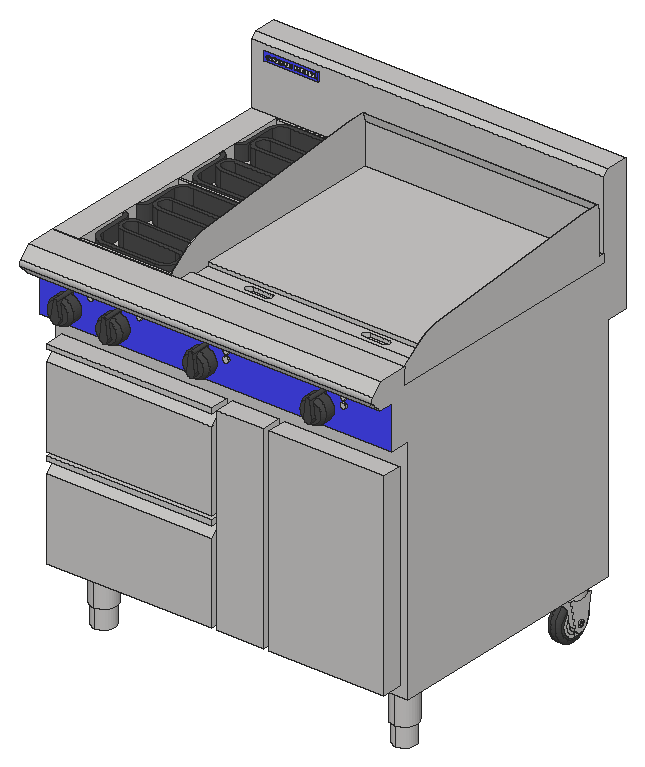
Revit family "QF_MOFFAT_BLUESEAL_CE_E516B-RB", category Specialty Equipment, Revit 2012
Parameters
  Weight in Pounds = 286  # constant formula
  Width [instance] = 900 mm  # constant formula
  Watts = 11600 W
  Volts = 400 V
  URL Cutsheet = "www.moffat.com"
  URL = "www.moffat.com"
  Type Mark [instance] = ""
  Status [instance] = ""
  Specification by User [instance] = ""
  Specification by Manufacturer = ""
  Show Logo [instance] = yes
  Show Door [instance] = no
  Show Clearance [instance] = yes
  Show Casters [instance] = yes
  Serial Number = ""
  Seismic Rating = ""
  SMACNA No = ""
  Revision Code [instance] = ""
  Refrigerant Type [instance] = "R134a"
  Phase = 3
  Omniclass Number and Title = ""
  Number of Poles = 1
  NAFEM Spec ID Number = ""
  Model = "E516B-RB"
  Min Ckt Ampacity = 0 A
  Max Overcurrent Protection = 0 A
  Masterspec = ""
  Manufacturer = "MOFFAT BLUESEAL"
  Legs [instance] = not(Show Casters)  # no
  Item Number [instance] = ""
  Installed By [instance] = ""
  Identify Quantity as Lot [instance] = yes
  Height = 1085 mm  # constant formula
  HP = ""
  Furnished By [instance] = ""
  Foodservice Equipment Identifier [instance] = yes
  FL Amps = 20 A
  Electrical Remarks = "20A PER PHASE"
  Elec Conn RI Height = 0 mm
  Elec Conn Connection Height = 0 mm
  Drawer Clearance [instance] = and(Show Clearance, and(Drawer))  # yes
  Drawer [instance] = not(Show Door)  # yes
  Door Clearance [instance] = and(Show Clearance, and(Show Door))  # no
  Description = "900MM ELECTRIC COOK TOP ON REFRIGERATED BASE"
  Depth [instance] = 812 mm  # constant formula
  Cycle = 50 Hz
  Conn Plug = ""
  Conn Conduit = yes
  CSI MasterFormat = ""
  CSI Master Format = ""
  Back Splash [instance] = 215 mm  # constant formula
  Apparent Power = if(Phase = 3, Volts * FL Amps * 1.73, Volts * FL Amps)  # 13840 VA
Reference planes
  plane 1 "BACK": y = 0
  plane 2: z = 0
  plane 3 "LEFT": x = 0
  plane 4 "RIGHT": x = 900
  plane 5 "FRONT": y = -812
  plane 6 "TOP": z = 970
  plane 7 "Center Y": x = 450
  plane 8 "Center X": y = -406
  plane 9 "Base Height": z = 150
  plane 10: z = 915
  plane 11: x = 65
  plane 12: x = 834
  plane 13: y = -625
  plane 14: x = 770
  plane 15: z = 655
  plane 16: y = -32
  plane 17: x = 617
  plane 18: z = 402
  plane 19: z = 1085
  plane 20: y = -100
Forms (mm)
  Extrusion 1, solid, material "QF_Finishes_Stainless Steel"
    sketch origin (0, 0, 0) x (0, 1, 0) y (0, 0, 1)
      loop
        line (-697, 150) -> (-57, 150) -> (-57, 740) -> (0, 740) -> (0, 1085) -> (-57.5, 1085) -> (-70, 1072.5) -> (-70, 875) -> (-705, 875) -> (-705, 915) -> (-783.97, 915) -> (-808.485, 890.485)
        arc (-808.485, 890.485) -> (-811.999, 882) -> (-808.485, 873.515) r 12
        line (-808.485, 873.515) -> (-784.97, 850) -> (-749, 850) -> (-749, 740) -> (-697, 740) -> (-697, 150)
    from 0 to 900
  Revolve 2, solid, material "QF_Finishes_Stainless Steel", visible <- "Legs"
    sketch origin (834, -210, 0) x (0, 1, 0) y (0, 0, -1)
      loop
        line (78.25, -150) -> (110, -150) -> (110, 0) -> (82.5, 0) -> (82.5, -50) -> (78.25, -50) -> (78.25, -150)
      axis (110, -150) -> (110, 0)
    angle from 0 to 360
  Revolve 3, solid, material "QF_Finishes_Stainless Steel"
    sketch origin (834, -735, 0) x (0, 1, 0) y (0, 0, -1)
      loop
        line (78.25, -150) -> (110, -150) -> (110, 0) -> (82.5, 0) -> (82.5, -50) -> (78.25, -50) -> (78.25, -150)
      axis (110, -150) -> (110, 0)
    angle from 0 to 360
  Revolve 4, solid, material "QF_Finishes_Stainless Steel", visible <- "Legs"
    sketch origin (65, -210, 0) x (0, 1, 0) y (0, 0, -1)
      loop
        line (78.25, -150) -> (110, -150) -> (110, 0) -> (82.5, 0) -> (82.5, -50) -> (78.25, -50) -> (78.25, -150)
      axis (110, -150) -> (110, 0)
    angle from 0 to 360
  Revolve 5, solid, material "QF_Finishes_Stainless Steel"
    sketch origin (65, -735, 0) x (0, 1, 0) y (0, 0, -1)
      loop
        line (78.25, -150) -> (110, -150) -> (110, 0) -> (82.5, 0) -> (82.5, -50) -> (78.25, -50) -> (78.25, -150)
      axis (110, -150) -> (110, 0)
    angle from 0 to 360
  Revolve 6, solid, material "QF_Finishes_Black"
    sketch origin (87.5, 0, 597.8) x (0, 1, 0) y (0, 0, -1)
      loop
        line (-789, -229.5) -> (-766, -229.5) -> (-766, -202) -> (-756, -202) -> (-756, -197) -> (-800, -197) -> (-800, -223.651) -> (-789, -229.5)
      axis (-800, -197) -> (-756, -197)
    angle from 0 to 360
  Extrusion 7, solid, material "QF_Finishes_Black"
    sketch origin (225.77, 0, 597.958) x (-1, 0, 0) y (0, 0, -1)
      loop
        line (127.85, -186.037) -> (133.271, -228.955)
        arc (133.271, -228.955) -> (138.27, -233.842) -> (143.268, -228.955) r 5
        line (143.268, -228.955) -> (148.757, -184.87)
        arc (148.757, -184.87) -> (137.685, -174.371) -> (127.85, -186.037) r 10.487
    from 759 to 808
  Extrusion 8, solid, material "QF_Finishes_Stainless Steel"
    sketch origin (0, 0, 740) x (-1, 0, 0) y (0, 1, 0)
      loop
        circle (-770, -32) r 13.5
    from 0 to 1
  Extrusion 9, solid, material "QF_Finishes_Stainless Steel"
    sketch origin (0, -57, 685) x (0, 0, 1) y (1, 0, 0)
      loop
        circle (-265, 620) r 13.5
    from 0 to 3.18
  Extrusion 10, solid, material "QF_Finishes_Stainless Steel"
    sketch origin (0, -749, 866) x (0, 0, -1) y (1, 0, 0)
      loop
        circle (41.2, 257.5) r 7.15
      loop
        circle (41.2, 132.5) r 7.15
      loop
        circle (41.2, 479) r 7.15
      loop
        circle (61.2, 479) r 7.15
      loop
        circle (61.2, 779) r 7.15
      loop
        circle (41.2, 779) r 7.15
    from 0 to 3.18
  Revolve 11, solid, material "QF_Finishes_Black"
    sketch origin (211.766, 0, 597.8) x (0, 1, 0) y (0, 0, -1)
      loop
        line (-789, -229.5) -> (-766, -229.5) -> (-766, -202) -> (-756, -202) -> (-756, -197) -> (-800, -197) -> (-800, -223.651) -> (-789, -229.5)
      axis (-800, -197) -> (-756, -197)
    angle from 0 to 360
  Extrusion 12, solid, material "QF_Finishes_Black"
    sketch origin (350.035, 0, 597.958) x (-1, 0, 0) y (0, 0, -1)
      loop
        line (127.85, -186.037) -> (133.271, -228.955)
        arc (133.271, -228.955) -> (138.27, -233.842) -> (143.268, -228.955) r 5
        line (143.268, -228.955) -> (148.757, -184.87)
        arc (148.757, -184.87) -> (137.685, -174.371) -> (127.85, -186.037) r 10.487
    from 759 to 808
  Revolve 13, solid, material "QF_Finishes_Black"
    sketch origin (433.995, 0, 597.8) x (0, 1, 0) y (0, 0, -1)
      loop
        line (-789, -229.5) -> (-766, -229.5) -> (-766, -202) -> (-756, -202) -> (-756, -197) -> (-800, -197) -> (-800, -223.651) -> (-789, -229.5)
      axis (-800, -197) -> (-756, -197)
    angle from 0 to 360
  Extrusion 14, solid, material "QF_Finishes_Black"
    sketch origin (572.265, 0, 597.958) x (-1, 0, 0) y (0, 0, -1)
      loop
        line (127.85, -186.037) -> (133.271, -228.955)
        arc (133.271, -228.955) -> (138.27, -233.842) -> (143.268, -228.955) r 5
        line (143.268, -228.955) -> (148.757, -184.87)
        arc (148.757, -184.87) -> (137.685, -174.371) -> (127.85, -186.037) r 10.487
    from 759 to 808
  Revolve 15, solid, material "QF_Finishes_Black"
    sketch origin (733.995, 0, 597.8) x (0, 1, 0) y (0, 0, -1)
      loop
        line (-789, -229.5) -> (-766, -229.5) -> (-766, -202) -> (-756, -202) -> (-756, -197) -> (-800, -197) -> (-800, -223.651) -> (-789, -229.5)
      axis (-800, -197) -> (-756, -197)
    angle from 0 to 360
  Extrusion 16, solid, material "QF_Finishes_Black"
    sketch origin (872.265, 0, 597.958) x (-1, 0, 0) y (0, 0, -1)
      loop
        line (127.85, -186.037) -> (133.271, -228.955)
        arc (133.271, -228.955) -> (138.27, -233.842) -> (143.268, -228.955) r 5
        line (143.268, -228.955) -> (148.757, -184.87)
        arc (148.757, -184.87) -> (137.685, -174.371) -> (127.85, -186.037) r 10.487
    from 759 to 808
  Revolve 17, solid, material "QF_Finishes_Stainless Steel", visible <- "Show Casters"
    sketch origin (485.423, -100.755, -12.798) x (1, 0, 0) y (0, 0, 1)
      loop
        line (314.841, 63.604) -> (383.584, 63.604) -> (383.584, 67.109) -> (382.314, 68.379) -> (380.79, 68.379) -> (380.79, 71.826) -> (368.644, 71.826) -> (368.644, 81.79) -> (365.088, 83.843) -> (363.738, 92.179) -> (365.881, 92.179) -> (365.881, 98.529) -> (365.088, 98.529) -> (365.088, 104.879)
        arc (365.088, 104.879) -> (362.298, 111.614) -> (355.563, 114.404) r 9.525
        line (355.563, 114.404) -> (342.863, 114.404)
        arc (342.863, 114.404) -> (336.127, 111.614) -> (333.338, 104.879) r 9.525
        line (333.338, 104.879) -> (333.338, 98.529) -> (332.544, 98.529) -> (332.544, 92.179) -> (334.687, 92.179) -> (333.352, 83.932) -> (329.782, 81.871) -> (329.782, 71.826) -> (317.635, 71.826) -> (317.635, 68.379) -> (316.111, 68.379) -> (314.841, 67.109) -> (314.841, 63.604)
      axis (314.841, 63.604) -> (383.584, 63.604)
    angle from 0 to 360
  Extrusion 18, solid, material "QF_Finishes_Stainless Steel", visible <- "Show Casters"
    sketch origin (841.147, 132.353, -9.137) x (0, 1, 0) y (0, 0, 1)
      loop
        line (-200.603, 118.783) -> (-264.103, 118.783) -> (-251.746, 53.895)
        arc (-251.746, 53.895) -> (-232.353, 38.783) -> (-212.959, 53.895) r 20
        line (-212.959, 53.895) -> (-200.603, 118.783)
    from -35.667 to 22.923
  Revolve 19, solid, material "QF_Finishes_Stainless Steel", visible <- "Show Casters"
    sketch origin (834.646, -204, -0.354) x (0, 1, 0) y (0, 0, 1)
      loop
        line (68.25, 150) -> (68.25, 110) -> (104, 110) -> (104, 150) -> (68.25, 150)
      axis (104, 150) -> (104, 110)
    angle from 0 to 360
  Revolve 20, solid, material "QF_Finishes_Stainless Steel", visible <- "Show Casters"
    sketch origin (-283.577, -100.755, -12.798) x (1, 0, 0) y (0, 0, 1)
      loop
        line (314.841, 63.604) -> (383.584, 63.604) -> (383.584, 67.109) -> (382.314, 68.379) -> (380.79, 68.379) -> (380.79, 71.826) -> (368.644, 71.826) -> (368.644, 81.79) -> (365.088, 83.843) -> (363.738, 92.179) -> (365.881, 92.179) -> (365.881, 98.529) -> (365.088, 98.529) -> (365.088, 104.879)
        arc (365.088, 104.879) -> (362.298, 111.614) -> (355.563, 114.404) r 9.525
        line (355.563, 114.404) -> (342.863, 114.404)
        arc (342.863, 114.404) -> (336.127, 111.614) -> (333.338, 104.879) r 9.525
        line (333.338, 104.879) -> (333.338, 98.529) -> (332.544, 98.529) -> (332.544, 92.179) -> (334.687, 92.179) -> (333.352, 83.932) -> (329.782, 81.871) -> (329.782, 71.826) -> (317.635, 71.826) -> (317.635, 68.379) -> (316.111, 68.379) -> (314.841, 67.109) -> (314.841, 63.604)
      axis (314.841, 63.604) -> (383.584, 63.604)
    angle from 0 to 360
  Extrusion 21, solid, material "QF_Finishes_Stainless Steel", visible <- "Show Casters"
    sketch origin (72.147, 132.353, -9.137) x (0, 1, 0) y (0, 0, 1)
      loop
        line (-200.603, 118.783) -> (-264.103, 118.783) -> (-251.746, 53.895)
        arc (-251.746, 53.895) -> (-232.353, 38.783) -> (-212.959, 53.895) r 20
        line (-212.959, 53.895) -> (-200.603, 118.783)
    from -35.667 to 22.923
  Revolve 22, solid, material "QF_Finishes_Stainless Steel", visible <- "Show Casters"
    sketch origin (65.646, -204, -0.354) x (0, 1, 0) y (0, 0, 1)
      loop
        line (68.25, 150) -> (68.25, 110) -> (104, 110) -> (104, 150) -> (68.25, 150)
      axis (104, 150) -> (104, 110)
    angle from 0 to 360
  Extrusion 23, solid, material "QF_Finishes_Stainless Steel"
    sketch origin (0, 0, 0) x (0, 1, 0) y (0, 0, 1)
      loop
        line (-699, 678) -> (-747, 678) -> (-747, 665) -> (-715.13, 665) -> (-749, 636.579) -> (-749, 431) -> (-699, 431) -> (-699, 678)
      loop
        line (-749, 175) -> (-699, 175) -> (-699, 421) -> (-747, 421) -> (-747, 408) -> (-715.13, 408) -> (-749, 379.579) -> (-749, 175)
    from 17.986 to 440
  Extrusion 24, solid, material "QF_Finishes_Stainless Steel"
    sketch origin (723.5, 0, 0) x (0, 1, 0) y (0, 0, 1)
      loop
        line (-699, 678) -> (-749, 678) -> (-749, 175) -> (-699, 175) -> (-699, 678)
    from -270.5 to -150.5
  Extrusion 25, solid, material "QF_Door-Drawer Clearances", visible <- "Show Clearance", detail levels coarse
    sketch origin (0, -749, 676) x (0, 0, -1) y (1, 0, 0)
      loop
        line (501, 440) -> (255, 440) -> (255, 17.986) -> (501, 17.986) -> (501, 440)
      loop
        line (245, 440) -> (-2, 440) -> (-2, 17.986) -> (245, 17.986) -> (245, 440)
    from 0 to 304.8
  Extrusion 26, solid, material "QF_Finishes_Stainless Steel"
    sketch origin (1031.5, 0, 0) x (0, 1, 0) y (0, 0, 1)
      loop
        line (-699, 678) -> (-749, 678) -> (-749, 175) -> (-699, 175) -> (-699, 678)
    from -444.5 to -150.5
Lines and regions (mm)
  Split face 1
    outline origin (0, 612.322, 1085) x (0, -1, 0) y (1, 0, 0)
      loop
        arc (657.707, 566) -> (652.707, 574.66) -> (642.707, 574.66) r 10
        line (642.707, 574.66) -> (635.707, 570.619)
        arc (635.707, 570.619) -> (632.047, 566.959) -> (630.707, 561.959) r 10
        line (630.707, 561.959) -> (630.707, 334)
        arc (630.707, 334) -> (635.707, 325.34) -> (645.707, 325.34) r 10
        line (645.707, 325.34) -> (652.707, 329.381)
        arc (652.707, 329.381) -> (656.368, 333.041) -> (657.707, 338.041) r 10
        line (657.707, 338.041) -> (657.707, 566)
  Split face 2
    outline origin (0, 612.322, 1085) x (0, -1, 0) y (1, 0, 0)
      loop
        arc (630.707, 624) -> (635.707, 615.34) -> (645.707, 615.34) r 10
        line (645.707, 615.34) -> (652.707, 619.381)
        arc (652.707, 619.381) -> (656.368, 623.041) -> (657.707, 628.041) r 10
        line (657.707, 628.041) -> (657.707, 856)
        arc (657.707, 856) -> (652.707, 864.66) -> (642.707, 864.66) r 10
        line (642.707, 864.66) -> (635.707, 860.619)
        arc (635.707, 860.619) -> (632.047, 856.959) -> (630.707, 851.959) r 10
        line (630.707, 851.959) -> (630.707, 624)
  Split face 3
    outline origin (0, 612.322, 1085) x (0, -1, 0) y (1, 0, 0)
      loop
        arc (657.707, 276) -> (652.707, 284.66) -> (642.707, 284.66) r 10
        line (642.707, 284.66) -> (635.707, 280.619)
        arc (635.707, 280.619) -> (632.047, 276.959) -> (630.707, 271.959) r 10
        line (630.707, 271.959) -> (630.707, 44)
        arc (630.707, 44) -> (635.707, 35.34) -> (645.707, 35.34) r 10
        line (645.707, 35.34) -> (652.707, 39.381)
        arc (652.707, 39.381) -> (656.368, 43.041) -> (657.707, 48.041) r 10
        line (657.707, 48.041) -> (657.707, 276)
  Split face 4
    outline origin (1031.5, -749, 676) x (0, 0, -1) y (1, 0, 0)
      loop
        line (291.62, -416.534) -> (481.62, -416.534) -> (481.62, -181.534) -> (291.62, -181.534) -> (291.62, -416.534)
  Split face 5
    outline origin (1031.5, -749, 931) x (0, 0, -1) y (1, 0, 0)
      loop
        line (291.62, -416.534) -> (356.62, -416.534) -> (356.62, -181.534) -> (291.62, -181.534) -> (291.62, -416.534)
  Split face 6
    outline origin (1031.5, -749, 807.725) x (0, 0, -1) y (1, 0, 0)
      loop
        line (307.841, -274.649) -> (342.841, -274.649) -> (342.841, -219.649) -> (307.841, -219.649) -> (307.841, -274.649)
  Split face 7
    outline origin (939.097, -749, 808.536) x (0, 0, -1) y (1, 0, 0)
      loop
        line (307.841, -274.649) -> (342.841, -274.649) -> (342.841, -239.649) -> (307.841, -239.649) -> (307.841, -274.649)
  symbolic lines
    curve 1: line (0, 0, 0) -> (0, -812, 0)
    curve 2: line (900, 0, 0) -> (0, 0, 0)
    curve 3: line (900, -812, 0) -> (900, 0, 0)
    curve 4: line (0, -812, 0) -> (900, -812, 0)
    curve 13: line (0, -783.97, 0) -> (900, -783.97, 0)
    curve 14: line (44, -18.385, 0) -> (271.959, -18.385, 0)
    curve 15: arc (271.959, -18.385, 0) -> (276.959, -19.725, 0) -> (280.619, -23.385, 0) r 10
    curve 16: line (280.619, -23.385, 0) -> (284.66, -30.385, 0)
    curve 17: arc (284.66, -30.385, 0) -> (284.66, -40.385, 0) -> (276, -45.385, 0) r 10
    curve 18: line (276, -45.385, 0) -> (48.041, -45.385, 0)
    curve 19: arc (48.041, -45.385, 0) -> (43.041, -44.045, 0) -> (39.381, -40.385, 0) r 10
    curve 20: line (39.381, -40.385, 0) -> (35.34, -33.385, 0)
    curve 21: arc (35.34, -33.385, 0) -> (35.34, -23.385, 0) -> (44, -18.385, 0) r 10
    curve 22: line (561.959, -18.385, 0) -> (334, -18.385, 0)
    curve 23: arc (334, -18.385, 0) -> (325.34, -23.385, 0) -> (325.34, -33.385, 0) r 10
    curve 24: line (325.34, -33.385, 0) -> (329.381, -40.385, 0)
    curve 25: arc (329.381, -40.385, 0) -> (333.041, -44.045, 0) -> (338.041, -45.385, 0) r 10
    curve 26: line (338.041, -45.385, 0) -> (566, -45.385, 0)
    curve 27: arc (566, -45.385, 0) -> (574.66, -40.385, 0) -> (574.66, -30.385, 0) r 10
    curve 28: line (574.66, -30.385, 0) -> (570.619, -23.385, 0)
    curve 29: arc (570.619, -23.385, 0) -> (566.959, -19.725, 0) -> (561.959, -18.385, 0) r 10
    curve 30: line (624, -18.385, 0) -> (851.959, -18.385, 0)
    curve 31: arc (851.959, -18.385, 0) -> (856.959, -19.725, 0) -> (860.619, -23.385, 0) r 10
    curve 32: line (860.619, -23.385, 0) -> (864.66, -30.385, 0)
    curve 33: arc (864.66, -30.385, 0) -> (864.66, -40.385, 0) -> (856, -45.385, 0) r 10
    curve 34: line (856, -45.385, 0) -> (628.041, -45.385, 0)
    curve 35: arc (628.041, -45.385, 0) -> (623.041, -44.045, 0) -> (619.381, -40.385, 0) r 10
    curve 36: line (619.381, -40.385, 0) -> (615.34, -33.385, 0)
    curve 37: arc (615.34, -33.385, 0) -> (615.34, -23.385, 0) -> (624, -18.385, 0) r 10
    curve 38: line (900, -57, 0) -> (0, -57, 0)
    curve 39: line (0, -70, 0) -> (900, -70, 0)
  symbolic lines, style "SpecialityEquipmentHiddenLines", visible <- "Show Casters"
    curve 5: line (875.952, -62.61, 0) -> (825.152, -150.598, 0)
    curve 6: line (848.456, -46.735, 0) -> (875.952, -62.61, 0)
    curve 7: line (797.656, -134.723, 0) -> (848.456, -46.735, 0)
    curve 8: line (825.152, -150.598, 0) -> (797.656, -134.723, 0)
    curve 9: line (106.952, -62.61, 0) -> (56.152, -150.598, 0)
    curve 10: line (79.456, -46.735, 0) -> (106.952, -62.61, 0)
    curve 11: line (28.656, -134.723, 0) -> (79.456, -46.735, 0)
    curve 12: line (56.152, -150.598, 0) -> (28.656, -134.723, 0)
  symbolic lines, style "QF_Door-Drawer Clearances"
    curve 40: line (17.986, -1053.8, 0) -> (440, -1053.8, 0)
    curve 41: line (440, -1053.8, 0) -> (440, -812, 0)
    curve 42: line (17.986, -1053.8, 0) -> (17.986, -812, 0)
Dimensions and locks
  equal spacing: plane 3 "LEFT", plane 7 "Center Y", plane 4 "RIGHT"
  "Width": plane 3 "LEFT" to plane 4 "RIGHT"
  equal spacing: plane 5 "FRONT", plane 8 "Center X", plane 1 "BACK"
  "Depth": plane 5 "FRONT" to plane 1 "BACK"
  locked: plane 10 to level at 915
  locked: plane 9 "Base Height" to level at 150
  plane 6 "TOP" to plane 10 = 55 mm
  plane 12 to plane 11 = 769 mm
  plane 14 to plane 4 "RIGHT" = 130 mm
  plane 15 to level = 655 mm
  plane 16 to plane 1 "BACK" = 32 mm
  plane 17 to plane 4 "RIGHT" = 283 mm
  plane 18 to level = 402 mm
  Revolve 17 sketch curve to Revolve 17 sketch curve = 50.8 mm
  Revolve 20 sketch curve to Revolve 20 sketch curve = 50.8 mm
  "Height": plane 19 to level
  aligned and locked: level to plane 2
Automatic sketch dimensions
  curve 1 to plane 3 "LEFT" = 0 mm
  plane 1 "BACK" to curve 2 = 0 mm
  curve 2 to plane 4 "RIGHT" = 0 mm
  plane 5 "FRONT" to curve 1 = 0 mm
  curve 12 to plane 11 = 8.848 mm
  plane 11 to curve 10 = 14.456 mm
  plane 14 to curve 8 = 27.656 mm
  plane 12 to curve 8 = 8.848 mm
  curve 6 to plane 12 = 14.456 mm
  plane 20 to curve 8 = 50.598 mm
  plane 20 to curve 12 = 50.598 mm
  curve 9 to curve 11 = 15.875 mm
  curve 5 to curve 7 = 15.875 mm
  Extrusion 1 sketch curve to plane 10 = 0 mm
  Extrusion 1 sketch curve to plane 9 "Base Height" = 0 mm
  Extrusion 1 sketch curve to plane 19 = 0 mm
  Extrusion 1 sketch curve to plane 1 "BACK" = 0 mm
  Extrusion 1 sketch curve to plane 16 = 25 mm
  Extrusion 1 sketch curve to plane 16 = 25.5 mm
  Extrusion 1 sketch curve to plane 20 = 30 mm
  Extrusion 1 sketch curve to plane 13 = 72 mm
  Extrusion 1 sketch curve to plane 13 = 80 mm
  Extrusion 1 sketch curve to Extrusion 1 sketch curve = 44 mm
  Extrusion 1 sketch curve to plane 5 "FRONT" = 28.03 mm
  Extrusion 1 sketch curve to plane 5 "FRONT" = 27.03 mm
  Extrusion 1 sketch curve to plane 5 "FRONT" = 12.001 mm
  Extrusion 1 sketch curve to plane 5 "FRONT" = 3.515 mm  (x2)
  plane 15 to Extrusion 1 sketch curve = 85 mm  (x2)
  Extrusion 1 sketch curve to plane 10 = 65 mm
  Extrusion 1 sketch curve to Extrusion 1 sketch curve = 23.515 mm
  Extrusion 1 sketch curve to Extrusion 1 sketch curve = 40 mm
  Extrusion 1 sketch curve to Extrusion 1 sketch curve = 8.485 mm
  Extrusion 1 sketch curve to plane 19 = 12.5 mm
  Revolve 2 sketch curve to plane 9 "Base Height" = 0 mm
  Revolve 2 sketch curve to level = 0 mm
  Revolve 2 sketch curve to plane 20 = 0 mm  (x2)
  plane 20 to Revolve 2 sketch curve = 27.5 mm
  plane 20 to Revolve 2 sketch curve = 31.75 mm
  level to Revolve 2 sketch curve = 50 mm
  Revolve 2 sketch curve to Revolve 2 sketch curve = 0 mm
  Revolve 2 sketch curve to Revolve 2 sketch curve = 55 mm
  Revolve 3 sketch curve to plane 9 "Base Height" = 0 mm
  Revolve 3 sketch curve to level = 0 mm
  Revolve 3 sketch curve to plane 13 = 0 mm  (x2)
  Revolve 3 sketch curve to plane 13 = 27.5 mm
  Revolve 3 sketch curve to plane 13 = 31.75 mm
  level to Revolve 3 sketch curve = 50 mm
  Revolve 3 sketch curve to Revolve 3 sketch curve = 0 mm
  Revolve 3 sketch curve to Revolve 3 sketch curve = 55 mm
  Revolve 4 sketch curve to plane 9 "Base Height" = 0 mm
  Revolve 4 sketch curve to level = 0 mm
  Revolve 4 sketch curve to plane 20 = 0 mm  (x2)
  plane 20 to Revolve 4 sketch curve = 27.5 mm
  plane 20 to Revolve 4 sketch curve = 31.75 mm
  level to Revolve 4 sketch curve = 50 mm
  Revolve 4 sketch curve to Revolve 4 sketch curve = 0 mm
  Revolve 4 sketch curve to Revolve 4 sketch curve = 55 mm
  Revolve 5 sketch curve to plane 9 "Base Height" = 0 mm
  Revolve 5 sketch curve to level = 0 mm
  Revolve 5 sketch curve to plane 13 = 0 mm  (x2)
  Revolve 5 sketch curve to plane 13 = 27.5 mm
  Revolve 5 sketch curve to plane 13 = 31.75 mm
  level to Revolve 5 sketch curve = 50 mm
  Revolve 5 sketch curve to Revolve 5 sketch curve = 0 mm
  Revolve 5 sketch curve to Revolve 5 sketch curve = 55 mm
  Revolve 6 sketch curve to plane 5 "FRONT" = 12 mm
  Revolve 6 sketch curve to Revolve 6 sketch curve = 0 mm  (x2)
  Revolve 6 sketch curve to Revolve 6 sketch curve = 11 mm
  Revolve 6 sketch curve to Revolve 6 sketch curve = 12.7 mm
  Revolve 6 sketch curve to Revolve 6 sketch curve = 23 mm
  Revolve 6 sketch curve to Revolve 6 sketch curve = 10 mm
  Revolve 6 sketch curve to plane 10 = 87.7 mm
  Revolve 6 sketch curve to Revolve 6 sketch curve = 5.849 mm
  Revolve 6 sketch curve to Revolve 6 sketch curve = 27.5 mm
  Revolve 6 sketch curve to Revolve 6 sketch curve = 5 mm
  plane 11 to Extrusion 7 sketch curve = 32.919 mm
  plane 11 to Extrusion 7 sketch curve = 27.499 mm
  Extrusion 7 sketch curve to Extrusion 7 sketch curve = 10.419 mm
  Extrusion 7 sketch curve to Extrusion 7 sketch curve = 4.999 mm  (x2)
  Extrusion 7 sketch curve to Extrusion 7 sketch curve = 10.487 mm
  Extrusion 7 sketch curve to plane 10 = 88.087 mm
  Extrusion 7 sketch curve to Extrusion 7 sketch curve = 0.113 mm
  Extrusion 7 sketch curve to Extrusion 7 sketch curve = 42.919 mm
  Extrusion 7 sketch curve to Extrusion 7 sketch curve = 1.167 mm
  Extrusion 1 to Extrusion 9 sketch curve = 270 mm
  Extrusion 1 to Extrusion 9 sketch curve = 280 mm
  Extrusion 10 sketch curve to Extrusion 1 = 25.2 mm  (x4)
  Extrusion 10 sketch curve to Extrusion 1 = 45.2 mm  (x2)
  Extrusion 1 to Extrusion 10 sketch curve = 132.5 mm
  Extrusion 10 sketch curve to Extrusion 10 sketch curve = 125 mm
  Extrusion 10 sketch curve to Extrusion 10 sketch curve = 221.5 mm
  Extrusion 10 sketch curve to Extrusion 10 sketch curve = 0 mm
  Extrusion 1 to Extrusion 10 sketch curve = 121 mm  (x2)
  Revolve 11 sketch curve to plane 5 "FRONT" = 12 mm
  Revolve 11 sketch curve to Revolve 11 sketch curve = 0 mm  (x2)
  Revolve 11 sketch curve to Revolve 11 sketch curve = 11 mm
  Revolve 11 sketch curve to Revolve 11 sketch curve = 12.7 mm
  Revolve 11 sketch curve to Revolve 11 sketch curve = 23 mm
  Revolve 11 sketch curve to Revolve 11 sketch curve = 10 mm
  Revolve 11 sketch curve to plane 10 = 87.7 mm
  Revolve 11 sketch curve to Revolve 11 sketch curve = 5.849 mm
  Revolve 11 sketch curve to Revolve 11 sketch curve = 27.5 mm
  Revolve 11 sketch curve to Revolve 11 sketch curve = 5 mm
  plane 11 to Extrusion 12 sketch curve = 157.185 mm
  Extrusion 12 sketch curve to Extrusion 12 sketch curve = 5.421 mm
  Extrusion 12 sketch curve to Extrusion 12 sketch curve = 10.419 mm
  Extrusion 12 sketch curve to Extrusion 12 sketch curve = 4.999 mm  (x2)
  Extrusion 12 sketch curve to plane 10 = 88.087 mm
  Extrusion 12 sketch curve to Extrusion 12 sketch curve = 10.487 mm
  Extrusion 12 sketch curve to Extrusion 12 sketch curve = 0.113 mm
  Extrusion 12 sketch curve to Extrusion 12 sketch curve = 42.919 mm
  Extrusion 12 sketch curve to Extrusion 12 sketch curve = 1.167 mm
  Revolve 13 sketch curve to plane 5 "FRONT" = 12 mm
  Revolve 13 sketch curve to Revolve 13 sketch curve = 0 mm  (x2)
  Revolve 13 sketch curve to Revolve 13 sketch curve = 11 mm
  Revolve 13 sketch curve to Revolve 13 sketch curve = 12.7 mm
  Revolve 13 sketch curve to Revolve 13 sketch curve = 23 mm
  Revolve 13 sketch curve to Revolve 13 sketch curve = 10 mm
  Revolve 13 sketch curve to plane 10 = 87.7 mm
  Revolve 13 sketch curve to Revolve 13 sketch curve = 5.849 mm
  Revolve 13 sketch curve to Revolve 13 sketch curve = 27.5 mm
  Revolve 13 sketch curve to Revolve 13 sketch curve = 5 mm
  Extrusion 14 sketch curve to plane 7 "Center Y" = 5.585 mm
  Extrusion 14 sketch curve to Extrusion 14 sketch curve = 5.421 mm
  Extrusion 14 sketch curve to Extrusion 14 sketch curve = 10.419 mm
  Extrusion 14 sketch curve to Extrusion 14 sketch curve = 4.999 mm  (x2)
  Extrusion 14 sketch curve to Extrusion 14 sketch curve = 10.487 mm
  Extrusion 14 sketch curve to plane 10 = 88.087 mm
  Extrusion 14 sketch curve to Extrusion 14 sketch curve = 0.113 mm
  Extrusion 14 sketch curve to Extrusion 14 sketch curve = 42.919 mm
  Extrusion 14 sketch curve to Extrusion 14 sketch curve = 1.167 mm
  Revolve 15 sketch curve to plane 5 "FRONT" = 12 mm
  Revolve 15 sketch curve to Revolve 15 sketch curve = 0 mm  (x2)
  Revolve 15 sketch curve to Revolve 15 sketch curve = 11 mm
  Revolve 15 sketch curve to Revolve 15 sketch curve = 12.7 mm
  Revolve 15 sketch curve to Revolve 15 sketch curve = 23 mm
  Revolve 15 sketch curve to Revolve 15 sketch curve = 10 mm
  Revolve 15 sketch curve to plane 10 = 87.7 mm
  Revolve 15 sketch curve to Revolve 15 sketch curve = 5.849 mm
  Revolve 15 sketch curve to Revolve 15 sketch curve = 27.5 mm
  Revolve 15 sketch curve to Revolve 15 sketch curve = 5 mm
  plane 12 to Extrusion 16 sketch curve = 89.585 mm
  plane 12 to Extrusion 16 sketch curve = 95.006 mm
  Extrusion 16 sketch curve to Extrusion 16 sketch curve = 10.419 mm
  Extrusion 16 sketch curve to Extrusion 16 sketch curve = 4.999 mm  (x2)
  Extrusion 16 sketch curve to Extrusion 16 sketch curve = 10.487 mm
  Extrusion 16 sketch curve to plane 10 = 88.087 mm
  Extrusion 16 sketch curve to Extrusion 16 sketch curve = 0.113 mm
  Extrusion 16 sketch curve to Extrusion 16 sketch curve = 42.919 mm
  Extrusion 16 sketch curve to Extrusion 16 sketch curve = 1.167 mm
  plane 14 to Revolve 17 sketch curve = 30.264 mm
  Revolve 17 sketch curve to Revolve 17 sketch curve = 1.27 mm  (x4)
  Revolve 17 sketch curve to Revolve 17 sketch curve = 1.524 mm  (x2)
  Revolve 17 sketch curve to Revolve 17 sketch curve = 12.146 mm  (x2)
  plane 12 to Revolve 17 sketch curve = 16.033 mm
  Revolve 17 sketch curve to Revolve 17 sketch curve = 0.794 mm  (x2)
  Revolve 17 sketch curve to Revolve 17 sketch curve = 3.57 mm
  Revolve 17 sketch curve to Revolve 17 sketch curve = 2.143 mm
  plane 12 to Revolve 17 sketch curve = 5.715 mm
  Revolve 17 sketch curve to plane 12 = 5.776 mm
  Revolve 17 sketch curve to plane 12 = 6.985 mm
  Revolve 17 sketch curve to Revolve 17 sketch curve = 8.176 mm
  Revolve 17 sketch curve to Revolve 17 sketch curve = 1.349 mm  (x2)
  Revolve 17 sketch curve to Revolve 17 sketch curve = 3.556 mm
  Revolve 17 sketch curve to plane 4 "RIGHT" = 2.327 mm
  level to Revolve 17 sketch curve = 50.806 mm
  Revolve 17 sketch curve to Revolve 17 sketch curve = 0 mm
  Revolve 17 sketch curve to Revolve 17 sketch curve = 3.505 mm  (x2)
  Revolve 17 sketch curve to Revolve 17 sketch curve = 3.447 mm  (x2)
  Revolve 17 sketch curve to Revolve 17 sketch curve = 9.964 mm
  Revolve 17 sketch curve to Revolve 17 sketch curve = 10.045 mm
  Revolve 17 sketch curve to Revolve 17 sketch curve = 2.053 mm
  Revolve 17 sketch curve to Revolve 17 sketch curve = 2.061 mm
  Revolve 17 sketch curve to Revolve 17 sketch curve = 8.247 mm
  Revolve 17 sketch curve to Revolve 17 sketch curve = 8.336 mm
  Revolve 17 sketch curve to Revolve 17 sketch curve = 6.35 mm  (x2)
  Extrusion 18 sketch curve to plane 20 = 0 mm
  plane 20 to Extrusion 18 sketch curve = 19.393 mm
  plane 20 to Extrusion 18 sketch curve = 31.75 mm
  Extrusion 18 sketch curve to plane 20 = 19.393 mm
  Extrusion 18 sketch curve to plane 20 = 31.75 mm
  level to Extrusion 18 sketch curve = 44.758 mm
  Extrusion 18 sketch curve to Extrusion 18 sketch curve = 4.889 mm
  Extrusion 18 sketch curve to plane 9 "Base Height" = 40.354 mm
  Revolve 19 sketch curve to plane 20 = 0 mm  (x2)
  Revolve 19 sketch curve to plane 9 "Base Height" = 0.354 mm
  Revolve 19 sketch curve to Revolve 19 sketch curve = 35.75 mm
  Revolve 19 sketch curve to Revolve 19 sketch curve = 40 mm
  level to Revolve 19 sketch curve = 49.646 mm
  Revolve 19 sketch curve to level = 55.354 mm
  Revolve 20 sketch curve to Revolve 20 sketch curve = 1.27 mm  (x4)
  Revolve 20 sketch curve to Revolve 20 sketch curve = 1.524 mm  (x2)
  Revolve 20 sketch curve to Revolve 20 sketch curve = 12.146 mm  (x2)
  Revolve 20 sketch curve to plane 11 = 16.033 mm
  Revolve 20 sketch curve to Revolve 20 sketch curve = 0.794 mm  (x2)
  Revolve 20 sketch curve to Revolve 20 sketch curve = 3.57 mm
  Revolve 20 sketch curve to Revolve 20 sketch curve = 2.143 mm
  Revolve 20 sketch curve to plane 11 = 5.715 mm
  plane 11 to Revolve 20 sketch curve = 5.776 mm
  plane 11 to Revolve 20 sketch curve = 6.985 mm
  Revolve 20 sketch curve to Revolve 20 sketch curve = 8.176 mm
  Revolve 20 sketch curve to Revolve 20 sketch curve = 1.349 mm  (x2)
  Revolve 20 sketch curve to Revolve 20 sketch curve = 3.556 mm
  Revolve 20 sketch curve to Revolve 20 sketch curve = 33.32 mm
  level to Revolve 20 sketch curve = 50.806 mm
  Revolve 20 sketch curve to Revolve 20 sketch curve = 0 mm
  Revolve 20 sketch curve to Revolve 20 sketch curve = 3.505 mm  (x2)
  Revolve 20 sketch curve to Revolve 20 sketch curve = 3.447 mm  (x2)
  Revolve 20 sketch curve to Revolve 20 sketch curve = 9.964 mm
  Revolve 20 sketch curve to Revolve 20 sketch curve = 10.045 mm
  Revolve 20 sketch curve to Revolve 20 sketch curve = 2.053 mm
  Revolve 20 sketch curve to Revolve 20 sketch curve = 2.061 mm
  Revolve 20 sketch curve to Revolve 20 sketch curve = 8.247 mm
  Revolve 20 sketch curve to Revolve 20 sketch curve = 8.336 mm
  Revolve 20 sketch curve to Revolve 20 sketch curve = 6.35 mm  (x2)
  Extrusion 21 sketch curve to plane 20 = 0 mm
  plane 20 to Extrusion 21 sketch curve = 19.393 mm
  plane 20 to Extrusion 21 sketch curve = 31.75 mm
  Extrusion 21 sketch curve to plane 20 = 19.393 mm
  Extrusion 21 sketch curve to plane 20 = 31.75 mm
  level to Extrusion 21 sketch curve = 44.758 mm
  Extrusion 21 sketch curve to Extrusion 21 sketch curve = 4.889 mm
  Extrusion 21 sketch curve to plane 9 "Base Height" = 40.354 mm
  Revolve 22 sketch curve to plane 20 = 0 mm  (x2)
  Revolve 22 sketch curve to plane 9 "Base Height" = 0.354 mm
  plane 20 to Revolve 22 sketch curve = 35.75 mm
  Revolve 22 sketch curve to Revolve 22 sketch curve = 40 mm
  level to Revolve 22 sketch curve = 49.646 mm
  Revolve 22 sketch curve to level = 55.354 mm
  plane 3 "LEFT" to curve 12 = 28.656 mm
  Revolve 20 sketch curve to Revolve 20 sketch curve = 2.762 mm
  Split face 1 sketch curve to Extrusion 1 = 18.385 mm
  Split face 1 sketch curve to Split face 1 sketch curve = 5 mm  (x2)
  Split face 1 sketch curve to Split face 1 sketch curve = 10 mm  (x3)
  Split face 1 sketch curve to Split face 1 sketch curve = 7 mm  (x4)
  Split face 1 sketch curve to Extrusion 1 = 325.34 mm
  Split face 1 sketch curve to Split face 1 sketch curve = 4.041 mm  (x2)
  Split face 1 sketch curve to Split face 1 sketch curve = 223.917 mm
  Split face 2 sketch curve to Extrusion 1 = 18.385 mm
  Split face 2 sketch curve to Split face 2 sketch curve = 5 mm  (x2)
  Split face 2 sketch curve to Split face 2 sketch curve = 10 mm  (x3)
  Split face 2 sketch curve to Split face 2 sketch curve = 7 mm  (x4)
  Split face 2 sketch curve to Extrusion 1 = 284.66 mm
  Split face 2 sketch curve to Split face 2 sketch curve = 4.041 mm  (x2)
  Split face 2 sketch curve to Extrusion 1 = 48.041 mm
  Split face 3 sketch curve to Extrusion 1 = 18.385 mm
  Split face 3 sketch curve to Split face 3 sketch curve = 5 mm  (x3)
  Split face 3 sketch curve to Split face 3 sketch curve = 10 mm  (x2)
  Split face 3 sketch curve to Split face 3 sketch curve = 7 mm  (x4)
  Split face 3 sketch curve to Extrusion 1 = 35.34 mm
  Split face 3 sketch curve to Split face 3 sketch curve = 4.041 mm  (x2)
  Split face 3 sketch curve to Split face 3 sketch curve = 223.917 mm
  Extrusion 8 sketch curve to Extrusion 1 = 25 mm
  Extrusion 8 sketch curve to Extrusion 1 = 130 mm
  curve 13 to plane 5 "FRONT" = 28.03 mm
  curve 21 to plane 16 = 1.385 mm
  curve 21 to plane 11 = 29.66 mm
  curve 20 to plane 16 = 8.385 mm
  curve 21 to curve 20 = 4.041 mm
  plane 16 to curve 21 = 3.615 mm
  curve 21 to curve 21 = 8.66 mm
  curve 19 to curve 18 = 8.66 mm
  curve 9 to curve 15 = 165.007 mm
  curve 15 to curve 17 = 4.041 mm
  plane 16 to curve 15 = 8.615 mm
  curve 14 to curve 15 = 8.66 mm
  plane 16 to curve 16 = 1.615 mm
  curve 16 to curve 16 = 4.041 mm
  curve 18 to plane 16 = 13.385 mm
  curve 23 to plane 16 = 1.385 mm
  curve 16 to curve 23 = 40.679 mm
  curve 24 to plane 16 = 8.385 mm
  curve 24 to curve 24 = 4.041 mm
  curve 23 to curve 23 = 8.66 mm
  curve 25 to curve 26 = 8.66 mm
  plane 16 to curve 29 = 3.615 mm
  curve 29 to plane 17 = 55.041 mm
  curve 27 to plane 16 = 3.385 mm
  curve 29 to curve 27 = 4.041 mm
  plane 16 to curve 28 = 8.615 mm
  curve 22 to curve 28 = 8.66 mm
  plane 16 to curve 28 = 1.615 mm
  curve 28 to curve 28 = 4.041 mm
  curve 36 to plane 17 = 1.66 mm
  plane 17 to curve 36 = 2.381 mm
  plane 17 to curve 37 = 7 mm
  curve 36 to curve 35 = 8.66 mm
  curve 31 to plane 12 = 17.959 mm
  curve 6 to curve 34 = 7.544 mm
  plane 16 to curve 32 = 8.615 mm
  curve 31 to curve 32 = 8.66 mm
  plane 16 to curve 32 = 1.615 mm
  curve 31 to curve 32 = 4.041 mm
  curve 35 to plane 16 = 13.385 mm
  curve 35 to plane 16 = 8.385 mm
  curve 36 to plane 16 = 1.385 mm
  plane 16 to curve 37 = 3.615 mm
  curve 38 to plane 16 = 25 mm
  curve 39 to curve 38 = 13 mm
  Extrusion 23 sketch curve to plane 15 = 18.421 mm
  Extrusion 23 sketch curve to plane 5 "FRONT" = 63 mm  (x2)
  plane 9 "Base Height" to Extrusion 23 sketch curve = 25 mm
  plane 18 to Extrusion 23 sketch curve = 6 mm
  Extrusion 23 sketch curve to Extrusion 23 sketch curve = 2 mm  (x2)
  plane 15 to Extrusion 23 sketch curve = 10 mm
  Extrusion 23 sketch curve to Extrusion 23 sketch curve = 31.87 mm  (x2)
  Extrusion 23 sketch curve to Extrusion 23 sketch curve = 50 mm
  Extrusion 23 sketch curve to Extrusion 23 sketch curve = 0 mm
  Extrusion 23 sketch curve to plane 18 = 22.421 mm
  plane 18 to Extrusion 23 sketch curve = 19 mm
  Extrusion 23 sketch curve to Extrusion 23 sketch curve = 10 mm
  Extrusion 23 sketch curve to Extrusion 23 sketch curve = 13 mm
  plane 9 "Base Height" to Extrusion 24 sketch curve = 25 mm
  Extrusion 24 sketch curve to plane 5 "FRONT" = 63 mm
  Extrusion 24 sketch curve to Extrusion 24 sketch curve = 50 mm
  plane 15 to Extrusion 24 sketch curve = 23 mm
  Extrusion 25 sketch curve to Extrusion 23 = 0 mm  (x3)
  Extrusion 23 to Extrusion 25 sketch curve = 0 mm  (x2)
  Extrusion 23 to Extrusion 25 sketch curve = 41.421 mm
  Extrusion 23 to Extrusion 25 sketch curve = 10 mm
  Extrusion 25 sketch curve to Extrusion 25 sketch curve = 246 mm
  plane 9 "Base Height" to Extrusion 26 sketch curve = 25 mm
  Extrusion 26 sketch curve to plane 5 "FRONT" = 63 mm
  Extrusion 26 sketch curve to Extrusion 26 sketch curve = 50 mm
  plane 15 to Extrusion 26 sketch curve = 23 mm
  Split face 4 sketch curve to Extrusion 26 = 31.034 mm
  Split face 4 sketch curve to Extrusion 26 = 209.38 mm
  Split face 4 sketch curve to Extrusion 26 = 19.38 mm
  Split face 4 sketch curve to Extrusion 26 = 27.966 mm
  Split face 5 sketch curve to Extrusion 26 = 38.62 mm
  Split face 5 sketch curve to Extrusion 26 = 27.966 mm
  Split face 5 sketch curve to Split face 5 sketch curve = 65 mm
  Split face 5 sketch curve to Extrusion 26 = 31.034 mm
  Split face 6 sketch curve to Extrusion 26 = 69.149 mm
  Split face 6 sketch curve to Extrusion 26 = 178.116 mm
  Split face 6 sketch curve to Split face 6 sketch curve = 35 mm
  Split face 6 sketch curve to Split face 6 sketch curve = 55 mm
  Split face 7 sketch curve to Extrusion 26 = 177.305 mm
  Split face 7 sketch curve to Split face 7 sketch curve = 35 mm  (x2)
  Split face 7 sketch curve to Extrusion 26 = 77.448 mm
  plane 3 "LEFT" to curve 42 = 17.986 mm
  curve 41 to plane 7 "Center Y" = 10 mm
  curve 40 to curve 41 = 241.8 mm
  radius of Extrusion 9 sketch curve = 13.5 mm
  radius of Extrusion 10 sketch curve = 7.15 mm  (x6)
  radius of Extrusion 8 sketch curve = 13.5 mm
Nested families
  nested 1: "WALDORF LOGO_FACE BASE" at (32, -70, 1056.885) x (1, 0, 0) z (0, -1, 0), visible <- "Show Logo", type "WALDORF LOGO_FACE BASE", detail levels medium+fine
    with Show Logo yes
  nested 2: "ELECTRIC BURNER & GRIDDLE 900" at (0, -70, 875), type "ELECTRIC BURNER & GRIDDLE 900"
    with Width 900 mm, Type Mark "", Status "", Specification by User "", Revision Code "", Item Number "", Installed By "", Identify Quantity as Lot yes, Furnished By "", Foodservice Equipment Identifier yes, Depth 635 mm
  nested 3: "ELECTRICAL CONNECTION 2" at (609.07, -57, 407.3), type "ELECTRICAL CONNECTION 2"
    with Type Mark "", Status "", Specification by User "", Revision Code "", Number of Poles 1, Item Number "", Installed By "", Identify Quantity as Lot yes, Furnished By "", Foodservice Equipment Identifier yes, Electrical Remarks "", Electric Connection Type "", Elec Conn RI Height 0 mm, Elec Conn Connection Height 0 mm
Connectors
  electrical at (620, -53.82, 420)
    settings: on Extrusion 9, index 2, voltage 220 V, apparent load 0 VA, apparent load phase1 0 VA, apparent load phase2 0 VA, apparent load phase3 0 VA, power factor 1, load classification "Other", number of poles 1, system type 30, power factor state 1, is connector primary yes, connector utility no, sub classification motor no, connector description "ELECTRICAL CONNECTION"
  electrical at (770, -32, 739), driven by "Volts", driven by "Watts"
    settings: on Extrusion 8, index 3, voltage 400 V, apparent load 11600 VA, apparent load phase1 0 VA, apparent load phase2 0 VA, apparent load phase3 0 VA, power factor 1, load classification "Other", number of poles 1, system type 30, power factor state 1, is connector primary no, connector utility no, sub classification motor no, connector description "ELECTRICAL CONNECTION"
Definition of nested family "WALDORF LOGO_FACE BASE"
  Parameters (values of type "WALDORF LOGO_FACE BASE")
    Show Logo [instance] = yes
    Default Elevation = 1219.2 mm
  Reference planes
    plane 1 "Center (Front/Back)": y = 0
    plane 2: z = 0
    plane 3 "Center (Left/Right)": x = 0
  Forms (mm)
    Extrusion 1, solid
      sketch origin (0, 0, 0) x (1, 0, 0) y (0, 1, 0)
        loop
          line (-1219.2, 1219.2) -> (-1219.2, -1219.2) -> (1219.2, -1219.2) -> (1219.2, 1219.2) -> (-1219.2, 1219.2)
      from 0 to -304.8
    Extrusion 2, solid, material "QF_Finishes_Blue", visible <- "Show Logo"
      sketch origin (0, -33.217, 0) x (1, 0, 0) y (0, 1, 0)
        loop
          arc (138, 31.942) -> (137.626, 32.844) -> (136.724, 33.217) r 1.276
          line (136.724, 33.217) -> (1.29, 33.217)
          arc (1.29, 33.217) -> (0.378, 32.839) -> (0, 31.927) r 1.29
          line (0, 31.927) -> (0, 11.507)
          arc (0, 11.507) -> (0.378, 10.595) -> (1.29, 10.217) r 1.29
          line (1.29, 10.217) -> (136.71, 10.217)
          arc (136.71, 10.217) -> (137.622, 10.595) -> (138, 11.507) r 1.29
          line (138, 11.507) -> (138, 31.942)
      from 0 to 1.588
    Extrusion 3, solid, material "QF_Finishes_White", visible <- "Show Logo"
      sketch origin (0, -33.217, 1.588) x (1, 0, 0) y (0, 1, 0)
        loop
          arc (108.946, 25.919) -> (107.613, 25.367) -> (107.061, 24.034) r 1.885
          line (107.061, 24.034) -> (107.061, 17.211) -> (112.704, 17.211) -> (112.704, 19.129) -> (115.546, 19.129) -> (115.546, 17.211) -> (121.584, 17.211) -> (121.584, 24.075)
          arc (121.584, 24.075) -> (121.043, 25.379) -> (119.739, 25.919) r 1.845
          line (119.739, 25.919) -> (108.946, 25.919)
        loop
          line (123.478, 25.919) -> (123.478, 17.163) -> (134.904, 17.163) -> (134.904, 19.129) -> (129.246, 19.129) -> (129.246, 25.919) -> (123.478, 25.919)
        loop
          line (112.704, 21.258) -> (115.546, 21.258) -> (115.546, 22.702)
          arc (115.546, 22.702) -> (115.344, 23.188) -> (114.858, 23.389) r 0.687
          line (114.858, 23.389) -> (113.363, 23.389)
          arc (113.363, 23.389) -> (112.897, 23.196) -> (112.704, 22.73) r 0.658
          line (112.704, 22.73) -> (112.704, 21.258)
        loop
          line (105.071, 25.919) -> (93.771, 25.919) -> (93.771, 17.163) -> (105.071, 17.163) -> (105.071, 19.063) -> (99.535, 19.063) -> (99.535, 20.437) -> (105.071, 20.437) -> (105.071, 22.278) -> (99.535, 22.278) -> (99.535, 23.587) -> (105.071, 23.587) -> (105.071, 25.919)
        loop
          line (91.104, 25.919) -> (79.541, 25.919)
          arc (79.541, 25.919) -> (78.558, 25.513) -> (78.152, 24.53) r 1.389
          line (78.152, 24.53) -> (78.152, 22.08)
          arc (78.152, 22.08) -> (78.558, 21.098) -> (79.541, 20.691) r 1.389
          line (79.541, 20.691) -> (86.346, 20.691) -> (86.346, 18.864) -> (83.266, 18.864) -> (83.266, 19.664) -> (78.152, 19.664) -> (78.152, 18.553)
          arc (78.152, 18.553) -> (78.558, 17.57) -> (79.541, 17.163) r 1.389
          line (79.541, 17.163) -> (91.063, 17.163)
          arc (91.063, 17.163) -> (92.045, 17.57) -> (92.452, 18.553) r 1.389
          line (92.452, 18.553) -> (92.452, 20.691)
          arc (92.452, 20.691) -> (92.045, 21.673) -> (91.063, 22.08) r 1.389
          line (91.063, 22.08) -> (83.266, 22.08) -> (83.266, 23.984) -> (86.346, 23.984) -> (86.346, 22.743) -> (92.452, 22.743) -> (92.452, 24.571)
          arc (92.452, 24.571) -> (92.057, 25.524) -> (91.104, 25.919) r 1.348
        loop
          line (70.705, 25.919) -> (59.405, 25.919) -> (59.405, 17.163) -> (70.705, 17.163) -> (70.705, 19.063) -> (65.169, 19.063) -> (65.169, 20.437) -> (70.705, 20.437) -> (70.705, 22.278) -> (65.169, 22.278) -> (65.169, 23.587) -> (70.705, 23.587) -> (70.705, 25.919)
        loop
          line (57.598, 25.919) -> (51.7, 25.919) -> (51.7, 20.18)
          arc (51.7, 20.18) -> (50.63, 19.11) -> (49.56, 20.18) r 1.07
          line (49.56, 20.18) -> (49.56, 25.919) -> (43.663, 25.919) -> (43.663, 19.049)
          arc (43.663, 19.049) -> (44.215, 17.716) -> (45.548, 17.163) r 1.885
          line (45.548, 17.163) -> (55.71, 17.163)
          arc (55.71, 17.163) -> (57.045, 17.716) -> (57.598, 19.051) r 1.887
          line (57.598, 19.051) -> (57.598, 25.919)
        loop
          line (31.62, 25.919) -> (31.62, 17.163) -> (43.046, 17.163) -> (43.046, 19.129) -> (37.388, 19.129) -> (37.388, 25.919) -> (31.62, 25.919)
        loop
          line (15.969, 25.919) -> (15.969, 17.163) -> (28.693, 17.163)
          arc (28.693, 17.163) -> (29.812, 17.627) -> (30.276, 18.746) r 1.582
          line (30.276, 18.746) -> (30.276, 20.447) -> (29.48, 21.243) -> (30.276, 22.039) -> (30.276, 24.332)
          arc (30.276, 24.332) -> (29.811, 25.454) -> (28.688, 25.919) r 1.587
          line (28.688, 25.919) -> (15.969, 25.919)
        loop
          line (21.449, 24.159) -> (21.449, 22.436) -> (23.862, 22.436)
          arc (23.862, 22.436) -> (24.723, 23.298) -> (23.862, 24.159) r 0.861
          line (23.862, 24.159) -> (21.449, 24.159)
        loop
          line (21.449, 20.244) -> (21.449, 18.522) -> (23.862, 18.522)
          arc (23.862, 18.522) -> (24.723, 19.383) -> (23.862, 20.244) r 0.861
          line (23.862, 20.244) -> (21.449, 20.244)
      from 0 to 0.2
    Extrusion 4, solid, material "QF_Finishes_Blue", visible <- "Show Logo"
      sketch origin (-126.498, -31.09, 1.588) x (1, 0, 0) y (0, 1, 0)
        loop
          line (136.738, 23.522) -> (136.738, 15.1)
          arc (136.738, 15.1) -> (140.756, 19.311) -> (136.738, 23.522) r 4.216
      from 0 to 0.2
    Extrusion 5, solid, material "QF_Finishes_Red", visible <- "Show Logo"
      sketch origin (146.849, -31.09, 1.588) x (-1, 0, 0) y (0, -1, 0)
        loop
          arc (136.738, -23.522) -> (140.756, -19.311) -> (136.738, -15.1) r 4.216
          line (136.738, -15.1) -> (136.738, -23.522)
      from 0 to 0.2
  Lines and regions (mm)
    Split face 1
      outline origin (-90.35, -30.793, 1.588) x (1, 0, 0) y (0, 1, 0)
        loop
          circle (100.54, 19.013) r 4.536
  Dimensions and locks
    aligned and locked: plane 2 to Extrusion 1
    aligned and locked: level to Extrusion 1
Definition of nested family "ELECTRIC BURNER & GRIDDLE 900"
  Parameters (values of type "ELECTRIC BURNER & GRIDDLE 900")
    Width [instance] = 900 mm
    Weight in Pounds = 0
    URL Cutsheet = ""
    Type Mark [instance] = ""
    Status [instance] = ""
    Specification by User [instance] = ""
    Specification by Manufacturer = ""
    Serial Number = ""
    Seismic Rating = ""
    SMACNA No = ""
    Revision Code [instance] = ""
    Omniclass Number and Title = ""
    NAFEM Spec ID Number = ""
    Masterspec = ""
    Item Number [instance] = ""
    Installed By [instance] = ""
    Identify Quantity as Lot [instance] = yes
    Furnished By [instance] = ""
    Foodservice Equipment Identifier [instance] = yes
    Depth [instance] = 635 mm
    CSI MasterFormat = ""
    CSI Master Format = ""
  Reference planes
    plane 1 "BACK": y = 0
    plane 2: z = 0
    plane 3 "LEFT": x = 0
    plane 4 "RIGHT": x = 900
    plane 5 "FRONT": y = -635
    plane 6 "TOP": z = 142.5
    plane 7 "Center Y": x = 450
    plane 8 "Center X": y = -317.5
    plane 9: y = -70
    plane 10: x = 65.8
    plane 11: y = 70
  Forms (mm)
    Extrusion 1, solid, material "QF_Finishes_Stainless Steel"
      sketch origin (0, 1, 0) x (0, -1, 0) y (1, 0, 0)
        loop
          line (1, 0) -> (636, 0) -> (636, 300) -> (1, 300) -> (1, 0)
        loop
          line (631, 65.8) -> (631, 294.362) -> (321.251, 294.362) -> (321.251, 65.8) -> (631, 65.8)
        loop
          line (6, 294.362) -> (6, 65.8) -> (313.651, 65.8) -> (313.651, 294.362) -> (6, 294.362)
      from 0 to 40
    Extrusion 2, solid, material "QF_Finishes_Black"
      sketch origin (0, 15.7, 0) x (0, -1, 0) y (1, 0, 0)
        loop
          arc (156.993, 65.612) -> (148.172, 80.048) -> (132.304, 85.912) r 25.79
          line (132.304, 85.912) -> (61.096, 85.912)
          arc (61.096, 85.912) -> (42.545, 94.459) -> (35.45, 113.612) r 26.722
          line (35.45, 113.612) -> (35.45, 246.212)
          arc (35.45, 246.212) -> (63.15, 273.912) -> (90.85, 246.212) r 27.7
          line (90.85, 246.212) -> (90.85, 113.769)
          arc (90.85, 113.769) -> (118.55, 86.069) -> (146.25, 113.769) r 27.7
          line (146.25, 113.769) -> (146.25, 246.212)
          arc (146.25, 246.212) -> (173.95, 273.912) -> (201.65, 246.212) r 27.7
          line (201.65, 246.212) -> (201.65, 114.237)
          arc (201.65, 114.237) -> (229.35, 86.537) -> (257.05, 114.237) r 27.7
          line (257.05, 114.237) -> (257.05, 246.212)
          arc (257.05, 246.212) -> (284.75, 273.912) -> (312.45, 246.212) r 27.7
          line (312.45, 246.212) -> (312.45, 113.612)
          arc (312.45, 113.612) -> (305.355, 94.459) -> (286.804, 85.912) r 26.722
          line (286.804, 85.912) -> (215.596, 85.912)
          arc (215.596, 85.912) -> (199.705, 80.037) -> (190.819, 65.612) r 25.973
          line (190.819, 65.612) -> (201.232, 65.612)
          arc (201.232, 65.612) -> (206.91, 72.964) -> (215.719, 75.912) r 15.973
          line (215.719, 75.912) -> (286.986, 75.912)
          arc (286.986, 75.912) -> (312.551, 87.513) -> (322.45, 113.784) r 36.722
          line (322.45, 113.784) -> (322.45, 246.212)
          arc (322.45, 246.212) -> (284.75, 283.912) -> (247.05, 246.212) r 37.7
          line (247.05, 246.212) -> (247.05, 113.612)
          arc (247.05, 113.612) -> (229.35, 95.912) -> (211.65, 113.612) r 17.7
          line (211.65, 113.612) -> (211.65, 246.212)
          arc (211.65, 246.212) -> (173.95, 283.912) -> (136.25, 246.212) r 37.7
          line (136.25, 246.212) -> (136.25, 113.612)
          arc (136.25, 113.612) -> (118.55, 95.912) -> (100.85, 113.612) r 17.7
          line (100.85, 113.612) -> (100.85, 246.212)
          arc (100.85, 246.212) -> (63.15, 283.912) -> (25.45, 246.212) r 37.7
          line (25.45, 246.212) -> (25.45, 113.784)
          arc (25.45, 113.784) -> (35.349, 87.513) -> (60.914, 75.912) r 36.722
          line (60.914, 75.912) -> (132.193, 75.912)
          arc (132.193, 75.912) -> (140.976, 72.972) -> (146.6, 65.612) r 15.79
          line (146.6, 65.612) -> (156.993, 65.612)
        loop
          arc (469.581, 65.612) -> (460.695, 80.037) -> (444.804, 85.912) r 25.973
          line (444.804, 85.912) -> (373.596, 85.912)
          arc (373.596, 85.912) -> (355.045, 94.459) -> (347.95, 113.612) r 26.722
          line (347.95, 113.612) -> (347.95, 246.212)
          arc (347.95, 246.212) -> (375.65, 273.912) -> (403.35, 246.212) r 27.7
          line (403.35, 246.212) -> (403.35, 114.862)
          arc (403.35, 114.862) -> (431.05, 87.162) -> (458.75, 114.862) r 27.7
          line (458.75, 114.862) -> (458.75, 246.212)
          arc (458.75, 246.212) -> (486.45, 273.912) -> (514.15, 246.212) r 27.7
          line (514.15, 246.212) -> (514.15, 114.862)
          arc (514.15, 114.862) -> (541.85, 87.162) -> (569.55, 114.862) r 27.7
          line (569.55, 114.862) -> (569.55, 246.212)
          arc (569.55, 246.212) -> (597.25, 273.912) -> (624.95, 246.212) r 27.7
          line (624.95, 246.212) -> (624.95, 113.612)
          arc (624.95, 113.612) -> (617.855, 94.459) -> (599.304, 85.912) r 26.722
          line (599.304, 85.912) -> (528.096, 85.912)
          arc (528.096, 85.912) -> (511.987, 79.848) -> (503.282, 65) r 25.79
          line (503.282, 65) -> (513.588, 65)
          arc (513.588, 65) -> (519.162, 72.781) -> (528.207, 75.912) r 15.79
          line (528.207, 75.912) -> (599.486, 75.912)
          arc (599.486, 75.912) -> (625.051, 87.513) -> (634.95, 113.784) r 36.722
          line (634.95, 113.784) -> (634.95, 246.212)
          arc (634.95, 246.212) -> (597.25, 283.912) -> (559.55, 246.212) r 37.7
          line (559.55, 246.212) -> (559.55, 113.612)
          arc (559.55, 113.612) -> (541.85, 95.912) -> (524.15, 113.612) r 17.7
          line (524.15, 113.612) -> (524.15, 246.212)
          arc (524.15, 246.212) -> (486.45, 283.912) -> (448.75, 246.212) r 37.7
          line (448.75, 246.212) -> (448.75, 113.612)
          arc (448.75, 113.612) -> (431.05, 95.912) -> (413.35, 113.612) r 17.7
          line (413.35, 113.612) -> (413.35, 246.212)
          arc (413.35, 246.212) -> (375.65, 283.912) -> (337.95, 246.212) r 37.7
          line (337.95, 246.212) -> (337.95, 113.784)
          arc (337.95, 113.784) -> (347.849, 87.513) -> (373.414, 75.912) r 36.722
          line (373.414, 75.912) -> (444.681, 75.912)
          arc (444.681, 75.912) -> (453.49, 72.964) -> (459.168, 65.612) r 15.973
          line (459.168, 65.612) -> (469.581, 65.612)
      from 0 to 40
  Lines and regions (mm)
    symbolic lines
      curve 1: line (0, -635, 0) -> (900, -635, 0)
      curve 2: line (834.388, -635, 0) -> (900, -635, 0)
      curve 3: line (0, -635, 0) -> (900, -635, 0)
      curve 4: line (900, -635, 0) -> (900, 0, 0)
      curve 5: line (900, 0, 0) -> (0, 0, 0)
      curve 6: line (0, -635, 0) -> (65.8, -635, 0)
      curve 7: line (65.8, -635, 0) -> (65.8, -320.251, 0)
      curve 8: line (65.8, -320.251, 0) -> (294.362, -320.251, 0)
      curve 9: line (294.362, -634.701, 0) -> (305.638, -634.701, 0)
      curve 10: line (113.612, -19.75, 0) -> (246.212, -19.75, 0)
      curve 11: arc (246.212, -19.75, 0) -> (273.912, -47.45, 0) -> (246.212, -75.15, 0) r 27.7
      curve 12: line (246.212, -75.15, 0) -> (113.769, -75.15, 0)
      curve 13: arc (113.769, -75.15, 0) -> (86.069, -102.85, 0) -> (113.769, -130.55, 0) r 27.7
      curve 14: line (113.769, -130.55, 0) -> (246.212, -130.55, 0)
      curve 15: arc (246.212, -130.55, 0) -> (273.912, -158.25, 0) -> (246.212, -185.95, 0) r 27.7
      curve 16: line (246.212, -185.95, 0) -> (114.237, -185.95, 0)
      curve 17: arc (114.237, -185.95, 0) -> (86.537, -213.65, 0) -> (114.237, -241.35, 0) r 27.7
      curve 18: line (114.237, -241.35, 0) -> (246.212, -241.35, 0)
      curve 19: arc (246.212, -241.35, 0) -> (273.912, -269.05, 0) -> (246.212, -296.75, 0) r 27.7
      curve 20: line (246.212, -296.75, 0) -> (113.612, -296.75, 0)
      curve 21: arc (113.612, -296.75, 0) -> (94.459, -289.655, 0) -> (85.912, -271.104, 0) r 26.722
      curve 22: line (85.912, -271.104, 0) -> (85.912, -199.896, 0)
      curve 23: arc (85.912, -199.896, 0) -> (80.037, -184.005, 0) -> (65.612, -175.119, 0) r 25.973
      curve 24: line (65.612, -175.119, 0) -> (65.612, -185.532, 0)
      curve 25: arc (65.612, -185.532, 0) -> (72.964, -191.21, 0) -> (75.912, -200.019, 0) r 15.973
      curve 26: line (75.912, -200.019, 0) -> (75.912, -271.286, 0)
      curve 27: arc (75.912, -271.286, 0) -> (87.513, -296.851, 0) -> (113.784, -306.75, 0) r 36.722
      curve 28: line (113.784, -306.75, 0) -> (246.212, -306.75, 0)
      curve 29: arc (246.212, -306.75, 0) -> (283.912, -269.05, 0) -> (246.212, -231.35, 0) r 37.7
      curve 30: line (246.212, -231.35, 0) -> (113.612, -231.35, 0)
      curve 31: arc (113.612, -231.35, 0) -> (95.912, -213.65, 0) -> (113.612, -195.95, 0) r 17.7
      curve 32: line (113.612, -195.95, 0) -> (246.212, -195.95, 0)
      curve 33: arc (246.212, -195.95, 0) -> (283.912, -158.25, 0) -> (246.212, -120.55, 0) r 37.7
      curve 34: line (246.212, -120.55, 0) -> (113.612, -120.55, 0)
      curve 35: arc (113.612, -120.55, 0) -> (95.912, -102.85, 0) -> (113.612, -85.15, 0) r 17.7
      curve 36: line (113.612, -85.15, 0) -> (246.212, -85.15, 0)
      curve 37: arc (246.212, -85.15, 0) -> (283.912, -47.45, 0) -> (246.212, -9.75, 0) r 37.7
      curve 38: line (246.212, -9.75, 0) -> (113.784, -9.75, 0)
      curve 39: arc (113.784, -9.75, 0) -> (87.513, -19.649, 0) -> (75.912, -45.214, 0) r 36.722
      curve 40: line (75.912, -45.214, 0) -> (75.912, -116.493, 0)
      curve 41: arc (75.912, -116.493, 0) -> (72.972, -125.276, 0) -> (65.612, -130.9, 0) r 15.79
      curve 42: line (65.612, -130.9, 0) -> (65.612, -141.293, 0)
      curve 43: arc (65.612, -141.293, 0) -> (80.048, -132.472, 0) -> (85.912, -116.604, 0) r 25.79
      curve 44: line (85.912, -116.604, 0) -> (85.912, -45.396, 0)
